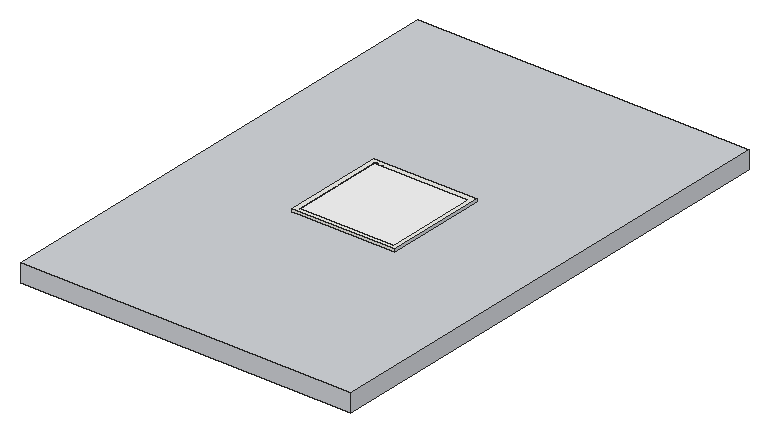
Revit family "FPL3-EQ0622xxWSxxxMPS0500", category Leuchten, Revit 2019
Family settings
  Basisbauteil = Fläche
  Bemaßung runder Anschluss = Durchmesser verwenden
  Teiletyp = Normal
  OmniClass-Nummer = 23.80.70.11
  OmniClass-Titel = Luminaries for Internal Lighting
  Beim Laden mit Abzugskörper schneiden = Nein
  Lichtquelle = Ja
  Gemeinsam genutzt = Nein
  Raumberechnungspunkt = Nein
Parameters (values of type "FPL3-EQ0622NDWS850865MPS0500")
  width = 620 mm
  weight = "4,1 kg"
  voltage type (AC, DC, UC) = "AC"
  suspension hight [instance] = 0 mm
  rated input power = 33
  product name = "FPL3-EQ0622NDWS850865MPS0500"
  nominal voltage = "230"
  nominal frequency = "50-60Hz"
  length = 620 mm
  ingress protection (IP) code = "IP20"
  height = 13 mm
  electrical safety class = "1"
  control gear = ""
  conformity mark = "CE"  # constant formula
  brand = "RIDI"
  approval mark = ""
  built-in parameter 1150104 = 13.8 (stored number, unit not read)
  Wattage = 27.0294 W
  Default Elevation = 0 mm
  Emit from Rectangle Length = 570 mm
  Emit from Rectangle Width = 570 mm
  built-in parameter 1150113 = 1 (stored number, unit not read)
  built-in parameter 1114218 = 1 (stored number, unit not read)
  URL = "www.ridi.de"
  built-in parameter 1150134 = 1
  built-in parameter 1150109 = 1 (stored number, unit not read)
  built-in parameter 1150110 = 1 (stored number, unit not read)
  Apparent Load = 33 VA
  Tilt Angle = 90.00°
  Modell = "0822992"
  built-in parameter 1114217 = 1 (stored number, unit not read)
  built-in parameter 1150139 = (empty or 0)
  built-in parameter 1150105 = 1949.3 (stored number, unit not read)
  built-in parameter 1150114 = 1 (stored number, unit not read)
  Lumens = 4015 lm
  built-in parameter 1150115 = 1 (stored number, unit not read)
  built-in parameter 1150112 = 1 (stored number, unit not read)
  Lampe = "LED"
  Hersteller = "RIDI Leuchten GmbH"  # constant formula
  Dimming Lamp Color Temperature Shift = (empty or 0)
  Color Filter = 16777215
  built-in parameter 1150133 = 10 (stored number, unit not read)
  Emit Shape Visible in Rendering = no
  built-in parameter 1150137 = (empty or 0)
  built-in parameter 1150132 = 2
  Datei für fotometrisches Netz = "FPL3-EQ.IES"
  Copyright = "© RIDI. All rights reserved."  # constant formula
  built-in parameter 1150106 = 19.493 (stored number, unit not read)
  Baugruppenkennzeichen = "D5020200"
  built-in parameter 1150107 = 6500 (stored number, unit not read)
  built-in parameter 1150102 = (empty or 0)
  built-in parameter 1150138 = (empty or 0)
Types (8, lengths in mm): name | product name | built-in parameter 1150134 | Modell | built-in parameter 1150107
  (no name) | "FPL3-EQ0622NDWS850865MPS0500" | 1 | "0822992" | 6500 (stored number, unit not read)
  FPL3-EQ0622NDWS840MPS0500 | "FPL3-EQ0622NDWS840MPS0500" | 12 | "0822990" | 4000 (stored number, unit not read)
  FPL3-EQ0622DAWS840MPS0500 | "FPL3-EQ0622DAWS840MPS0500" | 12 | "0832990" | 4000 (stored number, unit not read)
  FPL3-EQ0622NDWS830840MPS0500 | "FPL3-EQ0622NDWS830840MPS0500" | 12 | "0822991" | 4000 (stored number, unit not read)
  FPL3-EQ0622DAWS830840MPS0500 | "FPL3-EQ0622DAWS830840MPS0500" | 12 | "0832991" | 4000 (stored number, unit not read)
  FPL3-EQ0622NDWS850865MPS0500 | "FPL3-EQ0622NDWS850865MPS0500" | 1 | "0822992" | 6500 (stored number, unit not read)
  FPL3-EQ0622DAWS850865MPS0500 | "FPL3-EQ0622DAWS850865MPS0500" | 1 | "0832992" | 6500 (stored number, unit not read)
  FPL3-EQ0622DAWS8TWMPS0500 | "FPL3-EQ0622DAWS8TWMPS0500" | 1 | "0832994" | 6500 (stored number, unit not read)
Reference planes
  plane 1 "Mitte (Vorne/hinten)": y = 0
  plane 2: z = 0
  plane 3 "Mitte (Links/rechts)": x = 0
  plane 4: z = 0
Forms (mm)
  Extrusion 1, solid
    sketch origin (219.2, 280.8, 0) x (1, 0, 0) y (0, 1, 0)
      loop
        line (-1219.2, 1219.2) -> (-1219.2, -1780.8) -> (780.8, -1780.8) -> (780.8, 1219.2) -> (-1219.2, 1219.2)
    from 0 to -107.307
  Extrusion 2, solid
    sketch origin (0.233, 0, 0) x (1, 0, 0) y (0, 1, 0)
      loop
        circle (-0.341, -200) r 1.5
    from 1.31 to 0
  Extrusion 3, solid
    sketch origin (0, 0, 0) x (1, 0, 0) y (0, 1, 0)
      loop
        line (-310, 310) -> (-310, -310) -> (310, -310) -> (310, 310) -> (-310, 310)
    from 0 to 13
  Extrusion 4, void
    sketch origin (0, 0, 0) x (1, 0, 0) y (0, 1, 0)
      loop
        line (-285, 285) -> (-285, -285) -> (285, -285) -> (285, 285) -> (-285, 285)
    from 10 to 13
  Extrusion 5, solid
    sketch origin (0, 0, 0) x (1, 0, 0) y (0, 1, 0)
      loop
        circle (0, 265) r 2
      loop
        circle (0, -265) r 2
    from 0 to 1
Cuts and joins
  Extrusion 4 cuts Extrusion 3
Lines and regions (mm)
  reference lines
    curve 1: line (0, 802.513, 13) -> (0, -717.487, 13)
    curve 2: line (0, 791.999, 10) -> (0, 156.999, 10)
Dimensions and locks
  "suspension hight": plane 4 to Extrusion 1
  curve 1 to plane 4 = 13 mm
  curve 2 to curve 1 = 3 mm
  locked: cut or joined group of Extrusion 3, Extrusion 4 to Extrusion 2 at 8.69
  locked: cut or joined group of Extrusion 3, Extrusion 4 to Extrusion 5 sketch curve at 45  (x2)
  locked: curve 1 to Extrusion 5 sketch curve
  locked: Extrusion 5 sketch curve to curve 1 at 0
  locked: Extrusion 5 to cut or joined group of Extrusion 3, Extrusion 4 at 1
  locked: imposter light to Extrusion 2 sketch curve at 200
  locked: Extrusion 3 sketch curve to Extrusion 3 sketch curve at 620  (x2)
  locked: Extrusion 3 sketch curve to curve 1 at 310
  locked: plane 1 "Mitte (Vorne/hinten)" to Extrusion 3 sketch curve at 310
  Extrusion 4 sketch curve to cut or joined group of Extrusion 3, Extrusion 4 = 25 mm  (x3)
  cut or joined group of Extrusion 3, Extrusion 4 to Extrusion 4 sketch curve = 25 mm
  aligned and locked: plane 2 to Extrusion 1
  aligned and locked: level to Extrusion 1
  aligned and locked: Extrusion 3 to Extrusion 4
  aligned and locked: cut or joined group of Extrusion 3, Extrusion 4 to plane 4
  aligned and locked: Extrusion 3 to curve 1
  aligned and locked: curve 2 to Extrusion 4
  aligned and locked: Extrusion 2 to plane 4
  aligned and locked: cut or joined group of Extrusion 3, Extrusion 4 to Extrusion 2
  aligned and locked: imposter light to cut or joined group of Extrusion 3, Extrusion 4
  aligned and locked: Extrusion 5 to Extrusion 1
Automatic sketch dimensions
  Extrusion 1 sketch curve to Extrusion 1 sketch curve = 2000 mm
  Extrusion 1 sketch curve to Extrusion 1 sketch curve = 3000 mm
  Extrusion 2 sketch curve to plane 3 "Mitte (Links/rechts)" = 0.107 mm
  plane 1 "Mitte (Vorne/hinten)" to curve 1 = 717.487 mm
  curve 2 to plane 1 "Mitte (Vorne/hinten)" = 156.999 mm
  curve 2 to curve 2 = 635 mm
  curve 2 to curve 1 = 10.515 mm
  radius of Extrusion 2 sketch curve = 1.5 mm
  radius of Extrusion 5 sketch curve = 2 mm  (x2)
Connectors
  electrical at (-0.107, -200, 0)
    settings: on Extrusion 2, index 1, voltage 230 V, apparent load 0 VA, apparent load phase1 33 VA, apparent load phase2 0 VA, apparent load phase3 0 VA, power factor 1, load classification "Lighting", number of poles 1, system type 31, power factor state 1, is connector primary yes, connector utility no, sub classification motor no, connector description ""
